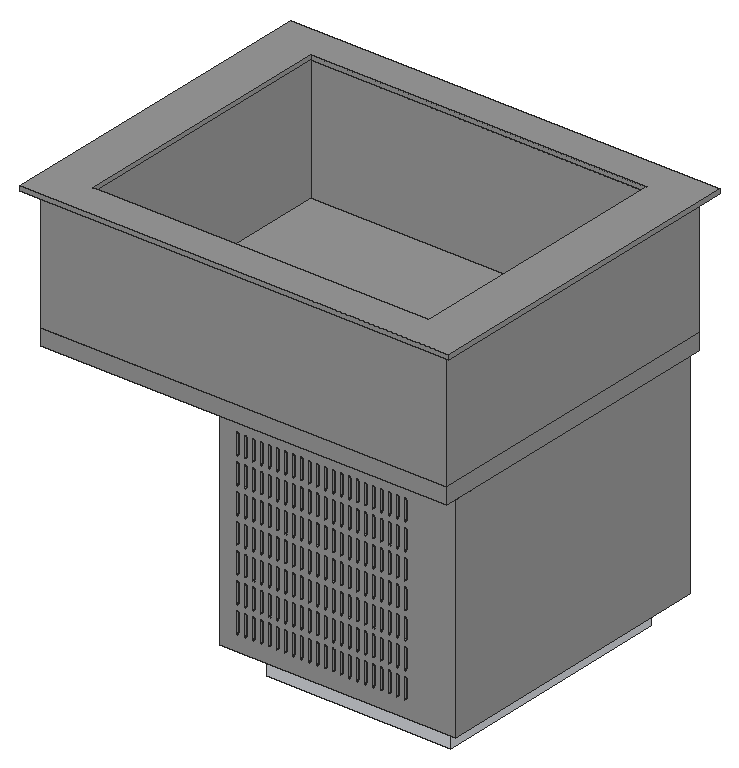
Revit family "Kühlwanne stille Kühlung GN1-1 - Eigen", category Sonderausstattung, Revit 2015
Parameters (values of type "2xGN1-1")
  Watt = 500 W
  Wand vorne Stärke = 40 mm  # constant formula
  Wand hinten Stärke = 40 mm  # constant formula
  Tiefe ohne Rahmen = Tiefe - 2 mm * 22.5  # 590 mm
  Tiefe = 635 mm  # constant formula
  Temp. Bereich = "4°C bis +10°C"
  Spannung = 230 V
  Scheinleistung = 0 VA
  Rand Stärke = 8.5 mm  # constant formula
  Rand Breite vorne = 62.5 mm  # constant formula
  Rand Breite seitlich = 87.5 mm  # constant formula
  Rand Breite hinten = 62.5 mm  # constant formula
  Pole = 1
  Material = Edelstahl AISI 304
  Kältemittel = "R404a"
  Kälteleistung = "1050 W / -10°C VT"
  Kapazität = "2 x GN 1/1, Tiefe 30 - 200 mm"
  Installationshöhe [instance] = 750 mm
  Höhe Wanne = 270 mm  # constant formula
  Höhe Unterbau = 50 mm  # constant formula
  Höhe Technikgehäuse = 400 mm  # constant formula
  Höhe = Höhe Wanne + Höhe Technikgehäuse + Höhe Unterbau  # 720 mm
  DN Tauwasserabfluß = 25.4 mm
  Breite ohne Rahmen = Breite - 2 mm * 22  # 761 mm
  Breite Technikgehäuse = 441 mm  # constant formula
  Wand Seiten Stärke = 65.5 mm  # constant formula
  Breite = 805 mm
  Boden Stärke = 30 mm  # constant formula
  Artikelnr. = "KWMS021100"
Types (4, lengths in mm): name | Watt | Kälteleistung | Kapazität | Breite ohne Rahmen | Breite | Artikelnr.
  2xGN1-1 | 500 W | "1050 W / -10°C VT" | "2 x GN 1/1, Tiefe 30 - 200 mm" | 761 | 805 | "KWMS021100"
  3xGN1-1 | 500 W | "1050 W / -10°C VT" | "3 x GN 1/1, Tiefe 30 - 200 mm" | 1091 | 1135 | "KWMS031100"
  4xGN1-1 | 500 W | "1050 W / -10°C VT" | "4 x GN 1/1, Tiefe 30 - 200 mm" | 1411 | 1455 | "KWMS041100"
  5xGN1-1 | 600 W | "1330 W / -10°C VT" | "5 x GN 1/1, Tiefe 30 - 200 mm" | 1736 | 1780 | "KWMS051100"
Reference planes
  plane 1 "Mitte (Vorne/Hinten)": y = 0
  plane 2: z = 0
  plane 3 "Mitte (Links/Rechts)": x = 0
  plane 4: y = -635
  plane 5: x = -805
  plane 6: z = 750
  plane 7: z = 480
  plane 8 "UK": z = 80
  plane 9: x = -463
  plane 10: x = -783
  plane 11: x = -22
  plane 12: y = -22.5
  plane 13: y = -612.5
  plane 14: y = -62.5
  plane 15: y = -572.5
  plane 16: x = -717.5
  plane 17: x = -87.5
  plane 18: z = 510
  plane 19: z = 741.5
  plane 20 "Technikgehäuse vorne": y = -592.5
  plane 21: y = -42.5
  plane 22: y = -62.5
  plane 23: y = -572.5
  plane 24 "Elektroanschluss": z = 80
  plane 25: y = -426
  plane 26 "Tauwasserabfluß": z = 80
  plane 27: y = -296
  plane 28: x = -265
  plane 29: x = -62
  plane 30: x = -717.5
  plane 31: x = -87.5
  plane 32: y = -82.5
  plane 33: y = -552.5
  plane 34: x = -62.5
  plane 35: x = -407.5
  plane 36: z = 30
Forms (mm)
  Extrusion 1, solid, material "Edelstahl AISI 304" <- "Material", detail levels fine
    sketch origin (0, 0, 150) x (-1, 0, 0) y (0, -1, 0)
      loop
        line (22, 42.5) -> (463, 42.5) -> (463, 592.5) -> (22, 592.5) -> (22, 42.5)
    from 330 to -70
  Extrusion 2, solid, material "Edelstahl AISI 304" <- "Material", detail levels medium+fine
    sketch origin (0, 0, 150) x (-1, 0, 0) y (0, -1, 0)
      loop
        line (783, 22.5) -> (783, 612.5) -> (22, 612.5) -> (22, 22.5) -> (783, 22.5)
      loop
        line (87.5, 572.5) -> (87.5, 62.5) -> (717.5, 62.5) -> (717.5, 572.5) -> (87.5, 572.5)
    from 591.5 to 360
  Extrusion 3, solid, material "Edelstahl AISI 304" <- "Material", detail levels medium+fine
    sketch origin (0, 0, 150) x (-1, 0, 0) y (0, -1, 0)
      loop
        line (783, 22.5) -> (783, 612.5) -> (22, 612.5) -> (22, 22.5) -> (783, 22.5)
    from 360 to 330
  Extrusion 4, solid, material "Edelstahl AISI 304" <- "Material", detail levels fine
    sketch origin (0, 0, 150) x (-1, 0, 0) y (0, -1, 0)
      loop
        line (805, 0) -> (805, 635) -> (0, 635) -> (0, 0) -> (805, 0)
      loop
        line (717.5, 62.5) -> (717.5, 572.5) -> (87.5, 572.5) -> (87.5, 62.5) -> (717.5, 62.5)
    from 600 to 591.5
  Extrusion 5, solid, not visible
    sketch origin (0, 0, 80) x (0, -1, 0) y (1, 0, 0)
      loop
        circle (296, -265) r 20
    from 0 to 2
  Extrusion 6, solid, not visible
    sketch origin (0, 0, 80) x (0, -1, 0) y (1, 0, 0)
      loop
        circle (426, -62) r 20
    from 0 to 2
  Extrusion 7, void
    sketch origin (1, -592.5, 0) x (1, 0, 0) y (0, 0, 1)
      loop
        arc (-432.879, 412.5) -> (-430.379, 410) -> (-427.879, 412.5) r 2.5
        line (-427.879, 412.5) -> (-427.879, 447.5)
        arc (-427.879, 447.5) -> (-430.379, 450) -> (-432.879, 447.5) r 2.5
        line (-432.879, 447.5) -> (-432.879, 412.5)
      loop
        arc (-417.879, 412.5) -> (-415.379, 410) -> (-412.879, 412.5) r 2.5
        line (-412.879, 412.5) -> (-412.879, 447.5)
        arc (-412.879, 447.5) -> (-415.379, 450) -> (-417.879, 447.5) r 2.5
        line (-417.879, 447.5) -> (-417.879, 412.5)
      loop
        arc (-402.879, 412.5) -> (-400.379, 410) -> (-397.879, 412.5) r 2.5
        line (-397.879, 412.5) -> (-397.879, 447.5)
        arc (-397.879, 447.5) -> (-400.379, 450) -> (-402.879, 447.5) r 2.5
        line (-402.879, 447.5) -> (-402.879, 412.5)
      loop
        arc (-387.879, 412.5) -> (-385.379, 410) -> (-382.879, 412.5) r 2.5
        line (-382.879, 412.5) -> (-382.879, 447.5)
        arc (-382.879, 447.5) -> (-385.379, 450) -> (-387.879, 447.5) r 2.5
        line (-387.879, 447.5) -> (-387.879, 412.5)
      loop
        arc (-373, 412.5) -> (-370.5, 410) -> (-368, 412.5) r 2.5
        line (-368, 412.5) -> (-368, 447.5)
        arc (-368, 447.5) -> (-370.5, 450) -> (-373, 447.5) r 2.5
        line (-373, 447.5) -> (-373, 412.5)
      loop
        arc (-358, 412.5) -> (-355.5, 410) -> (-353, 412.5) r 2.5
        line (-353, 412.5) -> (-353, 447.5)
        arc (-353, 447.5) -> (-355.5, 450) -> (-358, 447.5) r 2.5
        line (-358, 447.5) -> (-358, 412.5)
      loop
        arc (-343, 412.5) -> (-340.5, 410) -> (-338, 412.5) r 2.5
        line (-338, 412.5) -> (-338, 447.5)
        arc (-338, 447.5) -> (-340.5, 450) -> (-343, 447.5) r 2.5
        line (-343, 447.5) -> (-343, 412.5)
      loop
        arc (-328, 412.5) -> (-325.5, 410) -> (-323, 412.5) r 2.5
        line (-323, 412.5) -> (-323, 447.5)
        arc (-323, 447.5) -> (-325.5, 450) -> (-328, 447.5) r 2.5
        line (-328, 447.5) -> (-328, 412.5)
      loop
        arc (-313, 412.5) -> (-310.5, 410) -> (-308, 412.5) r 2.5
        line (-308, 412.5) -> (-308, 447.5)
        arc (-308, 447.5) -> (-310.5, 450) -> (-313, 447.5) r 2.5
        line (-313, 447.5) -> (-313, 412.5)
      loop
        arc (-298, 412.5) -> (-295.5, 410) -> (-293, 412.5) r 2.5
        line (-293, 412.5) -> (-293, 447.5)
        arc (-293, 447.5) -> (-295.5, 450) -> (-298, 447.5) r 2.5
        line (-298, 447.5) -> (-298, 412.5)
      loop
        arc (-283, 412.5) -> (-280.5, 410) -> (-278, 412.5) r 2.5
        line (-278, 412.5) -> (-278, 447.5)
        arc (-278, 447.5) -> (-280.5, 450) -> (-283, 447.5) r 2.5
        line (-283, 447.5) -> (-283, 412.5)
      loop
        arc (-268, 412.5) -> (-265.5, 410) -> (-263, 412.5) r 2.5
        line (-263, 412.5) -> (-263, 447.5)
        arc (-263, 447.5) -> (-265.5, 450) -> (-268, 447.5) r 2.5
        line (-268, 447.5) -> (-268, 412.5)
      loop
        arc (-253, 412.5) -> (-250.5, 410) -> (-248, 412.5) r 2.5
        line (-248, 412.5) -> (-248, 447.5)
        arc (-248, 447.5) -> (-250.5, 450) -> (-253, 447.5) r 2.5
        line (-253, 447.5) -> (-253, 412.5)
      loop
        arc (-238, 412.5) -> (-235.5, 410) -> (-233, 412.5) r 2.5
        line (-233, 412.5) -> (-233, 447.5)
        arc (-233, 447.5) -> (-235.5, 450) -> (-238, 447.5) r 2.5
        line (-238, 447.5) -> (-238, 412.5)
      loop
        arc (-223, 412.5) -> (-220.5, 410) -> (-218, 412.5) r 2.5
        line (-218, 412.5) -> (-218, 447.5)
        arc (-218, 447.5) -> (-220.5, 450) -> (-223, 447.5) r 2.5
        line (-223, 447.5) -> (-223, 412.5)
      loop
        arc (-208, 412.5) -> (-205.5, 410) -> (-203, 412.5) r 2.5
        line (-203, 412.5) -> (-203, 447.5)
        arc (-203, 447.5) -> (-205.5, 450) -> (-208, 447.5) r 2.5
        line (-208, 447.5) -> (-208, 412.5)
      loop
        arc (-193, 412.5) -> (-190.5, 410) -> (-188, 412.5) r 2.5
        line (-188, 412.5) -> (-188, 447.5)
        arc (-188, 447.5) -> (-190.5, 450) -> (-193, 447.5) r 2.5
        line (-193, 447.5) -> (-193, 412.5)
      loop
        arc (-178, 412.5) -> (-175.5, 410) -> (-173, 412.5) r 2.5
        line (-173, 412.5) -> (-173, 447.5)
        arc (-173, 447.5) -> (-175.5, 450) -> (-178, 447.5) r 2.5
        line (-178, 447.5) -> (-178, 412.5)
      loop
        arc (-163, 412.5) -> (-160.5, 410) -> (-158, 412.5) r 2.5
        line (-158, 412.5) -> (-158, 447.5)
        arc (-158, 447.5) -> (-160.5, 450) -> (-163, 447.5) r 2.5
        line (-163, 447.5) -> (-163, 412.5)
      loop
        arc (-148, 412.5) -> (-145.5, 410) -> (-143, 412.5) r 2.5
        line (-143, 412.5) -> (-143, 447.5)
        arc (-143, 447.5) -> (-145.5, 450) -> (-148, 447.5) r 2.5
        line (-148, 447.5) -> (-148, 412.5)
      loop
        arc (-133, 412.5) -> (-130.5, 410) -> (-128, 412.5) r 2.5
        line (-128, 412.5) -> (-128, 447.5)
        arc (-128, 447.5) -> (-130.5, 450) -> (-133, 447.5) r 2.5
        line (-133, 447.5) -> (-133, 412.5)
      loop
        arc (-118, 412.5) -> (-115.5, 410) -> (-113, 412.5) r 2.5
        line (-113, 412.5) -> (-113, 447.5)
        arc (-113, 447.5) -> (-115.5, 450) -> (-118, 447.5) r 2.5
        line (-118, 447.5) -> (-118, 412.5)
      loop
        arc (-432.879, 362.5) -> (-430.379, 360) -> (-427.879, 362.5) r 2.5
        line (-427.879, 362.5) -> (-427.879, 397.5)
        arc (-427.879, 397.5) -> (-430.379, 400) -> (-432.879, 397.5) r 2.5
        line (-432.879, 397.5) -> (-432.879, 362.5)
      loop
        arc (-417.879, 362.5) -> (-415.379, 360) -> (-412.879, 362.5) r 2.5
        line (-412.879, 362.5) -> (-412.879, 397.5)
        arc (-412.879, 397.5) -> (-415.379, 400) -> (-417.879, 397.5) r 2.5
        line (-417.879, 397.5) -> (-417.879, 362.5)
      loop
        arc (-402.879, 362.5) -> (-400.379, 360) -> (-397.879, 362.5) r 2.5
        line (-397.879, 362.5) -> (-397.879, 397.5)
        arc (-397.879, 397.5) -> (-400.379, 400) -> (-402.879, 397.5) r 2.5
        line (-402.879, 397.5) -> (-402.879, 362.5)
      loop
        arc (-387.879, 362.5) -> (-385.379, 360) -> (-382.879, 362.5) r 2.5
        line (-382.879, 362.5) -> (-382.879, 397.5)
        arc (-382.879, 397.5) -> (-385.379, 400) -> (-387.879, 397.5) r 2.5
        line (-387.879, 397.5) -> (-387.879, 362.5)
      loop
        arc (-373, 362.5) -> (-370.5, 360) -> (-368, 362.5) r 2.5
        line (-368, 362.5) -> (-368, 397.5)
        arc (-368, 397.5) -> (-370.5, 400) -> (-373, 397.5) r 2.5
        line (-373, 397.5) -> (-373, 362.5)
      loop
        arc (-358, 362.5) -> (-355.5, 360) -> (-353, 362.5) r 2.5
        line (-353, 362.5) -> (-353, 397.5)
        arc (-353, 397.5) -> (-355.5, 400) -> (-358, 397.5) r 2.5
        line (-358, 397.5) -> (-358, 362.5)
      loop
        arc (-343, 362.5) -> (-340.5, 360) -> (-338, 362.5) r 2.5
        line (-338, 362.5) -> (-338, 397.5)
        arc (-338, 397.5) -> (-340.5, 400) -> (-343, 397.5) r 2.5
        line (-343, 397.5) -> (-343, 362.5)
      loop
        arc (-328, 362.5) -> (-325.5, 360) -> (-323, 362.5) r 2.5
        line (-323, 362.5) -> (-323, 397.5)
        arc (-323, 397.5) -> (-325.5, 400) -> (-328, 397.5) r 2.5
        line (-328, 397.5) -> (-328, 362.5)
      loop
        arc (-313, 362.5) -> (-310.5, 360) -> (-308, 362.5) r 2.5
        line (-308, 362.5) -> (-308, 397.5)
        arc (-308, 397.5) -> (-310.5, 400) -> (-313, 397.5) r 2.5
        line (-313, 397.5) -> (-313, 362.5)
      loop
        arc (-298, 362.5) -> (-295.5, 360) -> (-293, 362.5) r 2.5
        line (-293, 362.5) -> (-293, 397.5)
        arc (-293, 397.5) -> (-295.5, 400) -> (-298, 397.5) r 2.5
        line (-298, 397.5) -> (-298, 362.5)
      loop
        arc (-283, 362.5) -> (-280.5, 360) -> (-278, 362.5) r 2.5
        line (-278, 362.5) -> (-278, 397.5)
        arc (-278, 397.5) -> (-280.5, 400) -> (-283, 397.5) r 2.5
        line (-283, 397.5) -> (-283, 362.5)
      loop
        arc (-268, 362.5) -> (-265.5, 360) -> (-263, 362.5) r 2.5
        line (-263, 362.5) -> (-263, 397.5)
        arc (-263, 397.5) -> (-265.5, 400) -> (-268, 397.5) r 2.5
        line (-268, 397.5) -> (-268, 362.5)
      loop
        arc (-253, 362.5) -> (-250.5, 360) -> (-248, 362.5) r 2.5
        line (-248, 362.5) -> (-248, 397.5)
        arc (-248, 397.5) -> (-250.5, 400) -> (-253, 397.5) r 2.5
        line (-253, 397.5) -> (-253, 362.5)
      loop
        arc (-238, 362.5) -> (-235.5, 360) -> (-233, 362.5) r 2.5
        line (-233, 362.5) -> (-233, 397.5)
        arc (-233, 397.5) -> (-235.5, 400) -> (-238, 397.5) r 2.5
        line (-238, 397.5) -> (-238, 362.5)
      loop
        arc (-223, 362.5) -> (-220.5, 360) -> (-218, 362.5) r 2.5
        line (-218, 362.5) -> (-218, 397.5)
        arc (-218, 397.5) -> (-220.5, 400) -> (-223, 397.5) r 2.5
        line (-223, 397.5) -> (-223, 362.5)
      loop
        arc (-208, 362.5) -> (-205.5, 360) -> (-203, 362.5) r 2.5
        line (-203, 362.5) -> (-203, 397.5)
        arc (-203, 397.5) -> (-205.5, 400) -> (-208, 397.5) r 2.5
        line (-208, 397.5) -> (-208, 362.5)
      loop
        arc (-193, 362.5) -> (-190.5, 360) -> (-188, 362.5) r 2.5
        line (-188, 362.5) -> (-188, 397.5)
        arc (-188, 397.5) -> (-190.5, 400) -> (-193, 397.5) r 2.5
        line (-193, 397.5) -> (-193, 362.5)
      loop
        arc (-178, 362.5) -> (-175.5, 360) -> (-173, 362.5) r 2.5
        line (-173, 362.5) -> (-173, 397.5)
        arc (-173, 397.5) -> (-175.5, 400) -> (-178, 397.5) r 2.5
        line (-178, 397.5) -> (-178, 362.5)
      loop
        arc (-163, 362.5) -> (-160.5, 360) -> (-158, 362.5) r 2.5
        line (-158, 362.5) -> (-158, 397.5)
        arc (-158, 397.5) -> (-160.5, 400) -> (-163, 397.5) r 2.5
        line (-163, 397.5) -> (-163, 362.5)
      loop
        arc (-148, 362.5) -> (-145.5, 360) -> (-143, 362.5) r 2.5
        line (-143, 362.5) -> (-143, 397.5)
        arc (-143, 397.5) -> (-145.5, 400) -> (-148, 397.5) r 2.5
        line (-148, 397.5) -> (-148, 362.5)
      loop
        arc (-133, 362.5) -> (-130.5, 360) -> (-128, 362.5) r 2.5
        line (-128, 362.5) -> (-128, 397.5)
        arc (-128, 397.5) -> (-130.5, 400) -> (-133, 397.5) r 2.5
        line (-133, 397.5) -> (-133, 362.5)
      loop
        arc (-118, 362.5) -> (-115.5, 360) -> (-113, 362.5) r 2.5
        line (-113, 362.5) -> (-113, 397.5)
        arc (-113, 397.5) -> (-115.5, 400) -> (-118, 397.5) r 2.5
        line (-118, 397.5) -> (-118, 362.5)
      loop
        arc (-432.879, 312.5) -> (-430.379, 310) -> (-427.879, 312.5) r 2.5
        line (-427.879, 312.5) -> (-427.879, 347.5)
        arc (-427.879, 347.5) -> (-430.379, 350) -> (-432.879, 347.5) r 2.5
        line (-432.879, 347.5) -> (-432.879, 312.5)
      loop
        arc (-417.879, 312.5) -> (-415.379, 310) -> (-412.879, 312.5) r 2.5
        line (-412.879, 312.5) -> (-412.879, 347.5)
        arc (-412.879, 347.5) -> (-415.379, 350) -> (-417.879, 347.5) r 2.5
        line (-417.879, 347.5) -> (-417.879, 312.5)
      loop
        arc (-402.879, 312.5) -> (-400.379, 310) -> (-397.879, 312.5) r 2.5
        line (-397.879, 312.5) -> (-397.879, 347.5)
        arc (-397.879, 347.5) -> (-400.379, 350) -> (-402.879, 347.5) r 2.5
        line (-402.879, 347.5) -> (-402.879, 312.5)
      loop
        arc (-387.879, 312.5) -> (-385.379, 310) -> (-382.879, 312.5) r 2.5
        line (-382.879, 312.5) -> (-382.879, 347.5)
        arc (-382.879, 347.5) -> (-385.379, 350) -> (-387.879, 347.5) r 2.5
        line (-387.879, 347.5) -> (-387.879, 312.5)
      loop
        arc (-373, 312.5) -> (-370.5, 310) -> (-368, 312.5) r 2.5
        line (-368, 312.5) -> (-368, 347.5)
        arc (-368, 347.5) -> (-370.5, 350) -> (-373, 347.5) r 2.5
        line (-373, 347.5) -> (-373, 312.5)
      loop
        arc (-358, 312.5) -> (-355.5, 310) -> (-353, 312.5) r 2.5
        line (-353, 312.5) -> (-353, 347.5)
        arc (-353, 347.5) -> (-355.5, 350) -> (-358, 347.5) r 2.5
        line (-358, 347.5) -> (-358, 312.5)
      loop
        arc (-343, 312.5) -> (-340.5, 310) -> (-338, 312.5) r 2.5
        line (-338, 312.5) -> (-338, 347.5)
        arc (-338, 347.5) -> (-340.5, 350) -> (-343, 347.5) r 2.5
        line (-343, 347.5) -> (-343, 312.5)
      loop
        arc (-328, 312.5) -> (-325.5, 310) -> (-323, 312.5) r 2.5
        line (-323, 312.5) -> (-323, 347.5)
        arc (-323, 347.5) -> (-325.5, 350) -> (-328, 347.5) r 2.5
        line (-328, 347.5) -> (-328, 312.5)
      loop
        arc (-313, 312.5) -> (-310.5, 310) -> (-308, 312.5) r 2.5
        line (-308, 312.5) -> (-308, 347.5)
        arc (-308, 347.5) -> (-310.5, 350) -> (-313, 347.5) r 2.5
        line (-313, 347.5) -> (-313, 312.5)
      loop
        arc (-298, 312.5) -> (-295.5, 310) -> (-293, 312.5) r 2.5
        line (-293, 312.5) -> (-293, 347.5)
        arc (-293, 347.5) -> (-295.5, 350) -> (-298, 347.5) r 2.5
        line (-298, 347.5) -> (-298, 312.5)
      loop
        arc (-283, 312.5) -> (-280.5, 310) -> (-278, 312.5) r 2.5
        line (-278, 312.5) -> (-278, 347.5)
        arc (-278, 347.5) -> (-280.5, 350) -> (-283, 347.5) r 2.5
        line (-283, 347.5) -> (-283, 312.5)
      loop
        arc (-268, 312.5) -> (-265.5, 310) -> (-263, 312.5) r 2.5
        line (-263, 312.5) -> (-263, 347.5)
        arc (-263, 347.5) -> (-265.5, 350) -> (-268, 347.5) r 2.5
        line (-268, 347.5) -> (-268, 312.5)
      loop
        arc (-253, 312.5) -> (-250.5, 310) -> (-248, 312.5) r 2.5
        line (-248, 312.5) -> (-248, 347.5)
        arc (-248, 347.5) -> (-250.5, 350) -> (-253, 347.5) r 2.5
        line (-253, 347.5) -> (-253, 312.5)
      loop
        arc (-238, 312.5) -> (-235.5, 310) -> (-233, 312.5) r 2.5
        line (-233, 312.5) -> (-233, 347.5)
        arc (-233, 347.5) -> (-235.5, 350) -> (-238, 347.5) r 2.5
        line (-238, 347.5) -> (-238, 312.5)
      loop
        arc (-223, 312.5) -> (-220.5, 310) -> (-218, 312.5) r 2.5
        line (-218, 312.5) -> (-218, 347.5)
        arc (-218, 347.5) -> (-220.5, 350) -> (-223, 347.5) r 2.5
        line (-223, 347.5) -> (-223, 312.5)
      loop
        arc (-208, 312.5) -> (-205.5, 310) -> (-203, 312.5) r 2.5
        line (-203, 312.5) -> (-203, 347.5)
        arc (-203, 347.5) -> (-205.5, 350) -> (-208, 347.5) r 2.5
        line (-208, 347.5) -> (-208, 312.5)
      loop
        arc (-193, 312.5) -> (-190.5, 310) -> (-188, 312.5) r 2.5
        line (-188, 312.5) -> (-188, 347.5)
        arc (-188, 347.5) -> (-190.5, 350) -> (-193, 347.5) r 2.5
        line (-193, 347.5) -> (-193, 312.5)
      loop
        arc (-178, 312.5) -> (-175.5, 310) -> (-173, 312.5) r 2.5
        line (-173, 312.5) -> (-173, 347.5)
        arc (-173, 347.5) -> (-175.5, 350) -> (-178, 347.5) r 2.5
        line (-178, 347.5) -> (-178, 312.5)
      loop
        arc (-163, 312.5) -> (-160.5, 310) -> (-158, 312.5) r 2.5
        line (-158, 312.5) -> (-158, 347.5)
        arc (-158, 347.5) -> (-160.5, 350) -> (-163, 347.5) r 2.5
        line (-163, 347.5) -> (-163, 312.5)
      loop
        arc (-148, 312.5) -> (-145.5, 310) -> (-143, 312.5) r 2.5
        line (-143, 312.5) -> (-143, 347.5)
        arc (-143, 347.5) -> (-145.5, 350) -> (-148, 347.5) r 2.5
        line (-148, 347.5) -> (-148, 312.5)
      loop
        arc (-133, 312.5) -> (-130.5, 310) -> (-128, 312.5) r 2.5
        line (-128, 312.5) -> (-128, 347.5)
        arc (-128, 347.5) -> (-130.5, 350) -> (-133, 347.5) r 2.5
        line (-133, 347.5) -> (-133, 312.5)
      loop
        arc (-118, 312.5) -> (-115.5, 310) -> (-113, 312.5) r 2.5
        line (-113, 312.5) -> (-113, 347.5)
        arc (-113, 347.5) -> (-115.5, 350) -> (-118, 347.5) r 2.5
        line (-118, 347.5) -> (-118, 312.5)
      loop
        arc (-432.879, 262.5) -> (-430.379, 260) -> (-427.879, 262.5) r 2.5
        line (-427.879, 262.5) -> (-427.879, 297.5)
        arc (-427.879, 297.5) -> (-430.379, 300) -> (-432.879, 297.5) r 2.5
        line (-432.879, 297.5) -> (-432.879, 262.5)
      loop
        arc (-417.879, 262.5) -> (-415.379, 260) -> (-412.879, 262.5) r 2.5
        line (-412.879, 262.5) -> (-412.879, 297.5)
        arc (-412.879, 297.5) -> (-415.379, 300) -> (-417.879, 297.5) r 2.5
        line (-417.879, 297.5) -> (-417.879, 262.5)
      loop
        arc (-402.879, 262.5) -> (-400.379, 260) -> (-397.879, 262.5) r 2.5
        line (-397.879, 262.5) -> (-397.879, 297.5)
        arc (-397.879, 297.5) -> (-400.379, 300) -> (-402.879, 297.5) r 2.5
        line (-402.879, 297.5) -> (-402.879, 262.5)
      loop
        arc (-387.879, 262.5) -> (-385.379, 260) -> (-382.879, 262.5) r 2.5
        line (-382.879, 262.5) -> (-382.879, 297.5)
        arc (-382.879, 297.5) -> (-385.379, 300) -> (-387.879, 297.5) r 2.5
        line (-387.879, 297.5) -> (-387.879, 262.5)
      loop
        arc (-373, 262.5) -> (-370.5, 260) -> (-368, 262.5) r 2.5
        line (-368, 262.5) -> (-368, 297.5)
        arc (-368, 297.5) -> (-370.5, 300) -> (-373, 297.5) r 2.5
        line (-373, 297.5) -> (-373, 262.5)
      loop
        arc (-358, 262.5) -> (-355.5, 260) -> (-353, 262.5) r 2.5
        line (-353, 262.5) -> (-353, 297.5)
        arc (-353, 297.5) -> (-355.5, 300) -> (-358, 297.5) r 2.5
        line (-358, 297.5) -> (-358, 262.5)
      loop
        arc (-343, 262.5) -> (-340.5, 260) -> (-338, 262.5) r 2.5
        line (-338, 262.5) -> (-338, 297.5)
        arc (-338, 297.5) -> (-340.5, 300) -> (-343, 297.5) r 2.5
        line (-343, 297.5) -> (-343, 262.5)
      loop
        arc (-328, 262.5) -> (-325.5, 260) -> (-323, 262.5) r 2.5
        line (-323, 262.5) -> (-323, 297.5)
        arc (-323, 297.5) -> (-325.5, 300) -> (-328, 297.5) r 2.5
        line (-328, 297.5) -> (-328, 262.5)
      loop
        arc (-313, 262.5) -> (-310.5, 260) -> (-308, 262.5) r 2.5
        line (-308, 262.5) -> (-308, 297.5)
        arc (-308, 297.5) -> (-310.5, 300) -> (-313, 297.5) r 2.5
        line (-313, 297.5) -> (-313, 262.5)
      loop
        arc (-298, 262.5) -> (-295.5, 260) -> (-293, 262.5) r 2.5
        line (-293, 262.5) -> (-293, 297.5)
        arc (-293, 297.5) -> (-295.5, 300) -> (-298, 297.5) r 2.5
        line (-298, 297.5) -> (-298, 262.5)
      loop
        arc (-283, 262.5) -> (-280.5, 260) -> (-278, 262.5) r 2.5
        line (-278, 262.5) -> (-278, 297.5)
        arc (-278, 297.5) -> (-280.5, 300) -> (-283, 297.5) r 2.5
        line (-283, 297.5) -> (-283, 262.5)
      loop
        arc (-268, 262.5) -> (-265.5, 260) -> (-263, 262.5) r 2.5
        line (-263, 262.5) -> (-263, 297.5)
        arc (-263, 297.5) -> (-265.5, 300) -> (-268, 297.5) r 2.5
        line (-268, 297.5) -> (-268, 262.5)
      loop
        arc (-253, 262.5) -> (-250.5, 260) -> (-248, 262.5) r 2.5
        line (-248, 262.5) -> (-248, 297.5)
        arc (-248, 297.5) -> (-250.5, 300) -> (-253, 297.5) r 2.5
        line (-253, 297.5) -> (-253, 262.5)
      loop
        arc (-238, 262.5) -> (-235.5, 260) -> (-233, 262.5) r 2.5
        line (-233, 262.5) -> (-233, 297.5)
        arc (-233, 297.5) -> (-235.5, 300) -> (-238, 297.5) r 2.5
        line (-238, 297.5) -> (-238, 262.5)
      loop
        arc (-223, 262.5) -> (-220.5, 260) -> (-218, 262.5) r 2.5
        line (-218, 262.5) -> (-218, 297.5)
        arc (-218, 297.5) -> (-220.5, 300) -> (-223, 297.5) r 2.5
        line (-223, 297.5) -> (-223, 262.5)
      loop
        arc (-208, 262.5) -> (-205.5, 260) -> (-203, 262.5) r 2.5
        line (-203, 262.5) -> (-203, 297.5)
        arc (-203, 297.5) -> (-205.5, 300) -> (-208, 297.5) r 2.5
        line (-208, 297.5) -> (-208, 262.5)
      loop
        arc (-193, 262.5) -> (-190.5, 260) -> (-188, 262.5) r 2.5
        line (-188, 262.5) -> (-188, 297.5)
        arc (-188, 297.5) -> (-190.5, 300) -> (-193, 297.5) r 2.5
        line (-193, 297.5) -> (-193, 262.5)
      loop
        arc (-178, 262.5) -> (-175.5, 260) -> (-173, 262.5) r 2.5
        line (-173, 262.5) -> (-173, 297.5)
        arc (-173, 297.5) -> (-175.5, 300) -> (-178, 297.5) r 2.5
        line (-178, 297.5) -> (-178, 262.5)
      loop
        arc (-163, 262.5) -> (-160.5, 260) -> (-158, 262.5) r 2.5
        line (-158, 262.5) -> (-158, 297.5)
        arc (-158, 297.5) -> (-160.5, 300) -> (-163, 297.5) r 2.5
        line (-163, 297.5) -> (-163, 262.5)
      loop
        arc (-148, 262.5) -> (-145.5, 260) -> (-143, 262.5) r 2.5
        line (-143, 262.5) -> (-143, 297.5)
        arc (-143, 297.5) -> (-145.5, 300) -> (-148, 297.5) r 2.5
        line (-148, 297.5) -> (-148, 262.5)
      loop
        arc (-133, 262.5) -> (-130.5, 260) -> (-128, 262.5) r 2.5
        line (-128, 262.5) -> (-128, 297.5)
        arc (-128, 297.5) -> (-130.5, 300) -> (-133, 297.5) r 2.5
        line (-133, 297.5) -> (-133, 262.5)
      loop
        arc (-118, 262.5) -> (-115.5, 260) -> (-113, 262.5) r 2.5
        line (-113, 262.5) -> (-113, 297.5)
        arc (-113, 297.5) -> (-115.5, 300) -> (-118, 297.5) r 2.5
        line (-118, 297.5) -> (-118, 262.5)
      loop
        arc (-432.879, 212.5) -> (-430.379, 210) -> (-427.879, 212.5) r 2.5
        line (-427.879, 212.5) -> (-427.879, 247.5)
        arc (-427.879, 247.5) -> (-430.379, 250) -> (-432.879, 247.5) r 2.5
        line (-432.879, 247.5) -> (-432.879, 212.5)
      loop
        arc (-417.879, 212.5) -> (-415.379, 210) -> (-412.879, 212.5) r 2.5
        line (-412.879, 212.5) -> (-412.879, 247.5)
        arc (-412.879, 247.5) -> (-415.379, 250) -> (-417.879, 247.5) r 2.5
        line (-417.879, 247.5) -> (-417.879, 212.5)
      loop
        arc (-402.879, 212.5) -> (-400.379, 210) -> (-397.879, 212.5) r 2.5
        line (-397.879, 212.5) -> (-397.879, 247.5)
        arc (-397.879, 247.5) -> (-400.379, 250) -> (-402.879, 247.5) r 2.5
        line (-402.879, 247.5) -> (-402.879, 212.5)
      loop
        arc (-387.879, 212.5) -> (-385.379, 210) -> (-382.879, 212.5) r 2.5
        line (-382.879, 212.5) -> (-382.879, 247.5)
        arc (-382.879, 247.5) -> (-385.379, 250) -> (-387.879, 247.5) r 2.5
        line (-387.879, 247.5) -> (-387.879, 212.5)
      loop
        arc (-373, 212.5) -> (-370.5, 210) -> (-368, 212.5) r 2.5
        line (-368, 212.5) -> (-368, 247.5)
        arc (-368, 247.5) -> (-370.5, 250) -> (-373, 247.5) r 2.5
        line (-373, 247.5) -> (-373, 212.5)
      loop
        arc (-358, 212.5) -> (-355.5, 210) -> (-353, 212.5) r 2.5
        line (-353, 212.5) -> (-353, 247.5)
        arc (-353, 247.5) -> (-355.5, 250) -> (-358, 247.5) r 2.5
        line (-358, 247.5) -> (-358, 212.5)
      loop
        arc (-343, 212.5) -> (-340.5, 210) -> (-338, 212.5) r 2.5
        line (-338, 212.5) -> (-338, 247.5)
        arc (-338, 247.5) -> (-340.5, 250) -> (-343, 247.5) r 2.5
        line (-343, 247.5) -> (-343, 212.5)
      loop
        arc (-328, 212.5) -> (-325.5, 210) -> (-323, 212.5) r 2.5
        line (-323, 212.5) -> (-323, 247.5)
        arc (-323, 247.5) -> (-325.5, 250) -> (-328, 247.5) r 2.5
        line (-328, 247.5) -> (-328, 212.5)
      loop
        arc (-313, 212.5) -> (-310.5, 210) -> (-308, 212.5) r 2.5
        line (-308, 212.5) -> (-308, 247.5)
        arc (-308, 247.5) -> (-310.5, 250) -> (-313, 247.5) r 2.5
        line (-313, 247.5) -> (-313, 212.5)
      loop
        arc (-298, 212.5) -> (-295.5, 210) -> (-293, 212.5) r 2.5
        line (-293, 212.5) -> (-293, 247.5)
        arc (-293, 247.5) -> (-295.5, 250) -> (-298, 247.5) r 2.5
        line (-298, 247.5) -> (-298, 212.5)
      loop
        arc (-283, 212.5) -> (-280.5, 210) -> (-278, 212.5) r 2.5
        line (-278, 212.5) -> (-278, 247.5)
        arc (-278, 247.5) -> (-280.5, 250) -> (-283, 247.5) r 2.5
        line (-283, 247.5) -> (-283, 212.5)
      loop
        arc (-268, 212.5) -> (-265.5, 210) -> (-263, 212.5) r 2.5
        line (-263, 212.5) -> (-263, 247.5)
        arc (-263, 247.5) -> (-265.5, 250) -> (-268, 247.5) r 2.5
        line (-268, 247.5) -> (-268, 212.5)
      loop
        arc (-253, 212.5) -> (-250.5, 210) -> (-248, 212.5) r 2.5
        line (-248, 212.5) -> (-248, 247.5)
        arc (-248, 247.5) -> (-250.5, 250) -> (-253, 247.5) r 2.5
        line (-253, 247.5) -> (-253, 212.5)
      loop
        arc (-238, 212.5) -> (-235.5, 210) -> (-233, 212.5) r 2.5
        line (-233, 212.5) -> (-233, 247.5)
        arc (-233, 247.5) -> (-235.5, 250) -> (-238, 247.5) r 2.5
        line (-238, 247.5) -> (-238, 212.5)
      loop
        arc (-223, 212.5) -> (-220.5, 210) -> (-218, 212.5) r 2.5
        line (-218, 212.5) -> (-218, 247.5)
        arc (-218, 247.5) -> (-220.5, 250) -> (-223, 247.5) r 2.5
        line (-223, 247.5) -> (-223, 212.5)
      loop
        arc (-208, 212.5) -> (-205.5, 210) -> (-203, 212.5) r 2.5
        line (-203, 212.5) -> (-203, 247.5)
        arc (-203, 247.5) -> (-205.5, 250) -> (-208, 247.5) r 2.5
        line (-208, 247.5) -> (-208, 212.5)
      loop
        arc (-193, 212.5) -> (-190.5, 210) -> (-188, 212.5) r 2.5
        line (-188, 212.5) -> (-188, 247.5)
        arc (-188, 247.5) -> (-190.5, 250) -> (-193, 247.5) r 2.5
        line (-193, 247.5) -> (-193, 212.5)
      loop
        arc (-178, 212.5) -> (-175.5, 210) -> (-173, 212.5) r 2.5
        line (-173, 212.5) -> (-173, 247.5)
        arc (-173, 247.5) -> (-175.5, 250) -> (-178, 247.5) r 2.5
        line (-178, 247.5) -> (-178, 212.5)
      loop
        arc (-163, 212.5) -> (-160.5, 210) -> (-158, 212.5) r 2.5
        line (-158, 212.5) -> (-158, 247.5)
        arc (-158, 247.5) -> (-160.5, 250) -> (-163, 247.5) r 2.5
        line (-163, 247.5) -> (-163, 212.5)
      loop
        arc (-148, 212.5) -> (-145.5, 210) -> (-143, 212.5) r 2.5
        line (-143, 212.5) -> (-143, 247.5)
        arc (-143, 247.5) -> (-145.5, 250) -> (-148, 247.5) r 2.5
        line (-148, 247.5) -> (-148, 212.5)
      loop
        arc (-133, 212.5) -> (-130.5, 210) -> (-128, 212.5) r 2.5
        line (-128, 212.5) -> (-128, 247.5)
        arc (-128, 247.5) -> (-130.5, 250) -> (-133, 247.5) r 2.5
        line (-133, 247.5) -> (-133, 212.5)
      loop
        arc (-118, 212.5) -> (-115.5, 210) -> (-113, 212.5) r 2.5
        line (-113, 212.5) -> (-113, 247.5)
        arc (-113, 247.5) -> (-115.5, 250) -> (-118, 247.5) r 2.5
        line (-118, 247.5) -> (-118, 212.5)
      loop
        arc (-432.879, 162.5) -> (-430.379, 160) -> (-427.879, 162.5) r 2.5
        line (-427.879, 162.5) -> (-427.879, 197.5)
        arc (-427.879, 197.5) -> (-430.379, 200) -> (-432.879, 197.5) r 2.5
        line (-432.879, 197.5) -> (-432.879, 162.5)
      loop
        arc (-417.879, 162.5) -> (-415.379, 160) -> (-412.879, 162.5) r 2.5
        line (-412.879, 162.5) -> (-412.879, 197.5)
        arc (-412.879, 197.5) -> (-415.379, 200) -> (-417.879, 197.5) r 2.5
        line (-417.879, 197.5) -> (-417.879, 162.5)
      loop
        arc (-402.879, 162.5) -> (-400.379, 160) -> (-397.879, 162.5) r 2.5
        line (-397.879, 162.5) -> (-397.879, 197.5)
        arc (-397.879, 197.5) -> (-400.379, 200) -> (-402.879, 197.5) r 2.5
        line (-402.879, 197.5) -> (-402.879, 162.5)
      loop
        arc (-387.879, 162.5) -> (-385.379, 160) -> (-382.879, 162.5) r 2.5
        line (-382.879, 162.5) -> (-382.879, 197.5)
        arc (-382.879, 197.5) -> (-385.379, 200) -> (-387.879, 197.5) r 2.5
        line (-387.879, 197.5) -> (-387.879, 162.5)
      loop
        arc (-373, 162.5) -> (-370.5, 160) -> (-368, 162.5) r 2.5
        line (-368, 162.5) -> (-368, 197.5)
        arc (-368, 197.5) -> (-370.5, 200) -> (-373, 197.5) r 2.5
        line (-373, 197.5) -> (-373, 162.5)
      loop
        arc (-358, 162.5) -> (-355.5, 160) -> (-353, 162.5) r 2.5
        line (-353, 162.5) -> (-353, 197.5)
        arc (-353, 197.5) -> (-355.5, 200) -> (-358, 197.5) r 2.5
        line (-358, 197.5) -> (-358, 162.5)
      loop
        arc (-343, 162.5) -> (-340.5, 160) -> (-338, 162.5) r 2.5
        line (-338, 162.5) -> (-338, 197.5)
        arc (-338, 197.5) -> (-340.5, 200) -> (-343, 197.5) r 2.5
        line (-343, 197.5) -> (-343, 162.5)
      loop
        arc (-328, 162.5) -> (-325.5, 160) -> (-323, 162.5) r 2.5
        line (-323, 162.5) -> (-323, 197.5)
        arc (-323, 197.5) -> (-325.5, 200) -> (-328, 197.5) r 2.5
        line (-328, 197.5) -> (-328, 162.5)
      loop
        arc (-313, 162.5) -> (-310.5, 160) -> (-308, 162.5) r 2.5
        line (-308, 162.5) -> (-308, 197.5)
        arc (-308, 197.5) -> (-310.5, 200) -> (-313, 197.5) r 2.5
        line (-313, 197.5) -> (-313, 162.5)
      loop
        arc (-298, 162.5) -> (-295.5, 160) -> (-293, 162.5) r 2.5
        line (-293, 162.5) -> (-293, 197.5)
        arc (-293, 197.5) -> (-295.5, 200) -> (-298, 197.5) r 2.5
        line (-298, 197.5) -> (-298, 162.5)
      loop
        arc (-283, 162.5) -> (-280.5, 160) -> (-278, 162.5) r 2.5
        line (-278, 162.5) -> (-278, 197.5)
        arc (-278, 197.5) -> (-280.5, 200) -> (-283, 197.5) r 2.5
        line (-283, 197.5) -> (-283, 162.5)
      loop
        arc (-268, 162.5) -> (-265.5, 160) -> (-263, 162.5) r 2.5
        line (-263, 162.5) -> (-263, 197.5)
        arc (-263, 197.5) -> (-265.5, 200) -> (-268, 197.5) r 2.5
        line (-268, 197.5) -> (-268, 162.5)
      loop
        arc (-253, 162.5) -> (-250.5, 160) -> (-248, 162.5) r 2.5
        line (-248, 162.5) -> (-248, 197.5)
        arc (-248, 197.5) -> (-250.5, 200) -> (-253, 197.5) r 2.5
        line (-253, 197.5) -> (-253, 162.5)
      loop
        arc (-238, 162.5) -> (-235.5, 160) -> (-233, 162.5) r 2.5
        line (-233, 162.5) -> (-233, 197.5)
        arc (-233, 197.5) -> (-235.5, 200) -> (-238, 197.5) r 2.5
        line (-238, 197.5) -> (-238, 162.5)
      loop
        arc (-223, 162.5) -> (-220.5, 160) -> (-218, 162.5) r 2.5
        line (-218, 162.5) -> (-218, 197.5)
        arc (-218, 197.5) -> (-220.5, 200) -> (-223, 197.5) r 2.5
        line (-223, 197.5) -> (-223, 162.5)
      loop
        arc (-208, 162.5) -> (-205.5, 160) -> (-203, 162.5) r 2.5
        line (-203, 162.5) -> (-203, 197.5)
        arc (-203, 197.5) -> (-205.5, 200) -> (-208, 197.5) r 2.5
        line (-208, 197.5) -> (-208, 162.5)
      loop
        arc (-193, 162.5) -> (-190.5, 160) -> (-188, 162.5) r 2.5
        line (-188, 162.5) -> (-188, 197.5)
        arc (-188, 197.5) -> (-190.5, 200) -> (-193, 197.5) r 2.5
        line (-193, 197.5) -> (-193, 162.5)
      loop
        arc (-178, 162.5) -> (-175.5, 160) -> (-173, 162.5) r 2.5
        line (-173, 162.5) -> (-173, 197.5)
        arc (-173, 197.5) -> (-175.5, 200) -> (-178, 197.5) r 2.5
        line (-178, 197.5) -> (-178, 162.5)
      loop
        arc (-163, 162.5) -> (-160.5, 160) -> (-158, 162.5) r 2.5
        line (-158, 162.5) -> (-158, 197.5)
        arc (-158, 197.5) -> (-160.5, 200) -> (-163, 197.5) r 2.5
        line (-163, 197.5) -> (-163, 162.5)
      loop
        arc (-148, 162.5) -> (-145.5, 160) -> (-143, 162.5) r 2.5
        line (-143, 162.5) -> (-143, 197.5)
        arc (-143, 197.5) -> (-145.5, 200) -> (-148, 197.5) r 2.5
        line (-148, 197.5) -> (-148, 162.5)
      loop
        arc (-133, 162.5) -> (-130.5, 160) -> (-128, 162.5) r 2.5
        line (-128, 162.5) -> (-128, 197.5)
        arc (-128, 197.5) -> (-130.5, 200) -> (-133, 197.5) r 2.5
        line (-133, 197.5) -> (-133, 162.5)
      loop
        arc (-118, 162.5) -> (-115.5, 160) -> (-113, 162.5) r 2.5
        line (-113, 162.5) -> (-113, 197.5)
        arc (-113, 197.5) -> (-115.5, 200) -> (-118, 197.5) r 2.5
        line (-118, 197.5) -> (-118, 162.5)
      loop
        arc (-432.879, 112.5) -> (-430.379, 110) -> (-427.879, 112.5) r 2.5
        line (-427.879, 112.5) -> (-427.879, 147.5)
        arc (-427.879, 147.5) -> (-430.379, 150) -> (-432.879, 147.5) r 2.5
        line (-432.879, 147.5) -> (-432.879, 112.5)
      loop
        arc (-417.879, 112.5) -> (-415.379, 110) -> (-412.879, 112.5) r 2.5
        line (-412.879, 112.5) -> (-412.879, 147.5)
        arc (-412.879, 147.5) -> (-415.379, 150) -> (-417.879, 147.5) r 2.5
        line (-417.879, 147.5) -> (-417.879, 112.5)
      loop
        arc (-402.879, 112.5) -> (-400.379, 110) -> (-397.879, 112.5) r 2.5
        line (-397.879, 112.5) -> (-397.879, 147.5)
        arc (-397.879, 147.5) -> (-400.379, 150) -> (-402.879, 147.5) r 2.5
        line (-402.879, 147.5) -> (-402.879, 112.5)
      loop
        arc (-387.879, 112.5) -> (-385.379, 110) -> (-382.879, 112.5) r 2.5
        line (-382.879, 112.5) -> (-382.879, 147.5)
        arc (-382.879, 147.5) -> (-385.379, 150) -> (-387.879, 147.5) r 2.5
        line (-387.879, 147.5) -> (-387.879, 112.5)
      loop
        arc (-373, 112.5) -> (-370.5, 110) -> (-368, 112.5) r 2.5
        line (-368, 112.5) -> (-368, 147.5)
        arc (-368, 147.5) -> (-370.5, 150) -> (-373, 147.5) r 2.5
        line (-373, 147.5) -> (-373, 112.5)
      loop
        arc (-358, 112.5) -> (-355.5, 110) -> (-353, 112.5) r 2.5
        line (-353, 112.5) -> (-353, 147.5)
        arc (-353, 147.5) -> (-355.5, 150) -> (-358, 147.5) r 2.5
        line (-358, 147.5) -> (-358, 112.5)
      loop
        arc (-343, 112.5) -> (-340.5, 110) -> (-338, 112.5) r 2.5
        line (-338, 112.5) -> (-338, 147.5)
        arc (-338, 147.5) -> (-340.5, 150) -> (-343, 147.5) r 2.5
        line (-343, 147.5) -> (-343, 112.5)
      loop
        arc (-328, 112.5) -> (-325.5, 110) -> (-323, 112.5) r 2.5
        line (-323, 112.5) -> (-323, 147.5)
        arc (-323, 147.5) -> (-325.5, 150) -> (-328, 147.5) r 2.5
        line (-328, 147.5) -> (-328, 112.5)
      loop
        arc (-313, 112.5) -> (-310.5, 110) -> (-308, 112.5) r 2.5
        line (-308, 112.5) -> (-308, 147.5)
        arc (-308, 147.5) -> (-310.5, 150) -> (-313, 147.5) r 2.5
        line (-313, 147.5) -> (-313, 112.5)
      loop
        arc (-298, 112.5) -> (-295.5, 110) -> (-293, 112.5) r 2.5
        line (-293, 112.5) -> (-293, 147.5)
        arc (-293, 147.5) -> (-295.5, 150) -> (-298, 147.5) r 2.5
        line (-298, 147.5) -> (-298, 112.5)
      loop
        arc (-283, 112.5) -> (-280.5, 110) -> (-278, 112.5) r 2.5
        line (-278, 112.5) -> (-278, 147.5)
        arc (-278, 147.5) -> (-280.5, 150) -> (-283, 147.5) r 2.5
        line (-283, 147.5) -> (-283, 112.5)
      loop
        arc (-268, 112.5) -> (-265.5, 110) -> (-263, 112.5) r 2.5
        line (-263, 112.5) -> (-263, 147.5)
        arc (-263, 147.5) -> (-265.5, 150) -> (-268, 147.5) r 2.5
        line (-268, 147.5) -> (-268, 112.5)
      loop
        arc (-253, 112.5) -> (-250.5, 110) -> (-248, 112.5) r 2.5
        line (-248, 112.5) -> (-248, 147.5)
        arc (-248, 147.5) -> (-250.5, 150) -> (-253, 147.5) r 2.5
        line (-253, 147.5) -> (-253, 112.5)
      loop
        arc (-238, 112.5) -> (-235.5, 110) -> (-233, 112.5) r 2.5
        line (-233, 112.5) -> (-233, 147.5)
        arc (-233, 147.5) -> (-235.5, 150) -> (-238, 147.5) r 2.5
        line (-238, 147.5) -> (-238, 112.5)
      loop
        arc (-223, 112.5) -> (-220.5, 110) -> (-218, 112.5) r 2.5
        line (-218, 112.5) -> (-218, 147.5)
        arc (-218, 147.5) -> (-220.5, 150) -> (-223, 147.5) r 2.5
        line (-223, 147.5) -> (-223, 112.5)
      loop
        arc (-208, 112.5) -> (-205.5, 110) -> (-203, 112.5) r 2.5
        line (-203, 112.5) -> (-203, 147.5)
        arc (-203, 147.5) -> (-205.5, 150) -> (-208, 147.5) r 2.5
        line (-208, 147.5) -> (-208, 112.5)
      loop
        arc (-193, 112.5) -> (-190.5, 110) -> (-188, 112.5) r 2.5
        line (-188, 112.5) -> (-188, 147.5)
        arc (-188, 147.5) -> (-190.5, 150) -> (-193, 147.5) r 2.5
        line (-193, 147.5) -> (-193, 112.5)
      loop
        arc (-178, 112.5) -> (-175.5, 110) -> (-173, 112.5) r 2.5
        line (-173, 112.5) -> (-173, 147.5)
        arc (-173, 147.5) -> (-175.5, 150) -> (-178, 147.5) r 2.5
        line (-178, 147.5) -> (-178, 112.5)
      loop
        arc (-163, 112.5) -> (-160.5, 110) -> (-158, 112.5) r 2.5
        line (-158, 112.5) -> (-158, 147.5)
        arc (-158, 147.5) -> (-160.5, 150) -> (-163, 147.5) r 2.5
        line (-163, 147.5) -> (-163, 112.5)
      loop
        arc (-148, 112.5) -> (-145.5, 110) -> (-143, 112.5) r 2.5
        line (-143, 112.5) -> (-143, 147.5)
        arc (-143, 147.5) -> (-145.5, 150) -> (-148, 147.5) r 2.5
        line (-148, 147.5) -> (-148, 112.5)
      loop
        arc (-133, 112.5) -> (-130.5, 110) -> (-128, 112.5) r 2.5
        line (-128, 112.5) -> (-128, 147.5)
        arc (-128, 147.5) -> (-130.5, 150) -> (-133, 147.5) r 2.5
        line (-133, 147.5) -> (-133, 112.5)
      loop
        arc (-118, 112.5) -> (-115.5, 110) -> (-113, 112.5) r 2.5
        line (-113, 112.5) -> (-113, 147.5)
        arc (-113, 147.5) -> (-115.5, 150) -> (-118, 147.5) r 2.5
        line (-118, 147.5) -> (-118, 112.5)
    from 0 to -2
  Extrusion 8, solid, detail levels fine
    sketch origin (0, 0, 80) x (0, -1, 0) y (1, 0, 0)
      loop
        line (82.5, -407.5) -> (552.5, -407.5) -> (552.5, -62.5) -> (82.5, -62.5) -> (82.5, -407.5)
    from 0 to -50
  Extrusion 9, solid, detail levels coarse+medium
    sketch origin (0, 0, 80) x (0, -1, 0) y (1, 0, 0)
      loop
        line (42.5, -22) -> (42.5, -463) -> (592.5, -463) -> (592.5, -22) -> (42.5, -22)
    from 0 to 400
  Extrusion 10, solid, material "Edelstahl AISI 304" <- "Material", detail levels coarse
    sketch origin (0, 0, 80) x (0, -1, 0) y (1, 0, 0)
      loop
        line (22.5, -783) -> (612.5, -783) -> (612.5, -22) -> (22.5, -22) -> (22.5, -783)
    from 661.5 to 400
Cuts and joins
  Extrusion 7 cuts Extrusion 1
Dimensions and locks
  "Breite": plane 5 to plane 3 "Mitte (Links/Rechts)"
  "Tiefe": plane 4 to plane 1 "Mitte (Vorne/Hinten)"
  "Installationshöhe": plane 6 to level
  "Höhe Wanne": plane 6 to plane 7
  locked: plane 13 to plane 4 at 22.5
  locked: plane 1 "Mitte (Vorne/Hinten)" to plane 12 at 22.5
  locked: plane 5 to plane 10 at 22
  locked: plane 11 to plane 3 "Mitte (Links/Rechts)" at 22
  "Wand Seiten Stärke": plane 10 to plane 16
  "Wand Seiten Stärke": plane 17 to plane 11
  "Wand vorne Stärke": plane 13 to plane 15
  "Wand hinten Stärke": plane 12 to plane 14
  "Boden Stärke": plane 18 to plane 7
  "Rand Stärke": plane 6 to plane 19
  locked: plane 12 to plane 21 at 20
  locked: plane 13 to plane 20 "Technikgehäuse vorne" at 20
  "Rand Breite hinten": plane 22 to plane 1 "Mitte (Vorne/Hinten)"
  "Rand Breite vorne": plane 23 to plane 4
  "Höhe Technikgehäuse": plane 7 to plane 8 "UK"
  locked: plane 8 "UK" to plane 24 "Elektroanschluss"
  locked: plane 8 "UK" to plane 26 "Tauwasserabfluß"
  locked: plane 28 to plane 9 at 198
  locked: plane 29 to plane 28 at 203
  "Rand Breite seitlich": plane 5 to plane 30
  "Rand Breite seitlich": plane 31 to plane 3 "Mitte (Links/Rechts)"
  "Breite Technikgehäuse": plane 9 to plane 11
  locked: plane 20 "Technikgehäuse vorne" to plane 25 at 166.5
  locked: plane 25 to plane 27 at 130
  plane 9 to plane 11 = 441 mm
  locked: plane 20 "Technikgehäuse vorne" to plane 33 at 40
  locked: plane 21 to plane 32 at 40
  locked: plane 9 to plane 35 at 55.5
  locked: plane 34 to plane 11 at 40.5
  "Höhe Unterbau": plane 26 "Tauwasserabfluß" to plane 36
  aligned and locked: level to plane 2
  aligned and locked: plane 7 to Extrusion 1
  aligned and locked: plane 8 "UK" to Extrusion 1
  aligned and locked: plane 19 to Extrusion 2
  aligned and locked: Extrusion 2 to plane 18
  aligned and locked: plane 18 to Extrusion 3
  aligned and locked: Extrusion 3 to plane 7
  aligned and locked: plane 6 to Extrusion 4
  aligned and locked: Extrusion 4 to plane 19
  aligned and locked: Extrusion 4 sketch curve to plane 30
  aligned and locked: Extrusion 4 sketch curve to plane 31
  aligned and locked: Extrusion 1 to plane 11
  aligned and locked: Extrusion 8 to plane 36
  aligned and locked: plane 7 to Extrusion 9
  aligned and locked: plane 19 to Extrusion 10
  aligned and locked: Extrusion 10 to plane 7
Automatic sketch dimensions
  Extrusion 1 sketch curve to plane 11 = 0 mm
  Extrusion 1 sketch curve to plane 9 = 0 mm
  Extrusion 1 sketch curve to plane 21 = 0 mm
  plane 20 "Technikgehäuse vorne" to Extrusion 1 sketch curve = 0 mm
  Extrusion 2 sketch curve to plane 11 = 0 mm
  Extrusion 2 sketch curve to plane 14 = 0 mm
  Extrusion 2 sketch curve to plane 17 = 0 mm
  plane 15 to Extrusion 2 sketch curve = 0 mm
  Extrusion 2 sketch curve to plane 16 = 0 mm
  Extrusion 2 sketch curve to plane 10 = 0 mm
  Extrusion 2 sketch curve to plane 12 = 0 mm
  plane 13 to Extrusion 2 sketch curve = 0 mm
  Extrusion 3 sketch curve to plane 11 = 0 mm
  Extrusion 3 sketch curve to plane 10 = 0 mm
  Extrusion 3 sketch curve to plane 12 = 0 mm
  plane 13 to Extrusion 3 sketch curve = 0 mm
  plane 1 "Mitte (Vorne/Hinten)" to Extrusion 4 sketch curve = 0 mm
  Extrusion 4 sketch curve to plane 3 "Mitte (Links/Rechts)" = 0 mm
  Extrusion 4 sketch curve to plane 5 = 0 mm
  Extrusion 4 sketch curve to plane 14 = 0 mm
  plane 15 to Extrusion 4 sketch curve = 0 mm
  Extrusion 4 sketch curve to plane 4 = 0 mm
  plane 27 to Extrusion 5 sketch curve = 0 mm
  Extrusion 5 sketch curve to plane 28 = 0 mm
  plane 25 to Extrusion 6 sketch curve = 0 mm
  Extrusion 6 sketch curve to plane 29 = 0 mm
  Extrusion 7 sketch curve to plane 3 "Mitte (Links/Rechts)" = 431.879 mm  (x2)
  Extrusion 7 sketch curve to Extrusion 7 sketch curve = 0 mm  (x292)
  Extrusion 7 sketch curve to Extrusion 7 sketch curve = 2.5 mm  (x154)
  Extrusion 7 sketch curve to Extrusion 7 sketch curve = 10 mm  (x140)
  Extrusion 7 sketch curve to Extrusion 7 sketch curve = 9.879 mm  (x7)
  Extrusion 7 sketch curve to plane 8 "UK" = 32.5 mm  (x2)
  Extrusion 7 sketch curve to Extrusion 7 sketch curve = 35 mm  (x6)
  Extrusion 7 sketch curve to Extrusion 7 sketch curve = 15 mm  (x12)
  Extrusion 7 sketch curve to plane 7 = 32.5 mm
  Extrusion 8 sketch curve to plane 32 = 0 mm
  plane 33 to Extrusion 8 sketch curve = 0 mm
  Extrusion 8 sketch curve to plane 35 = 0 mm
  Extrusion 8 sketch curve to plane 34 = 0 mm
  Extrusion 9 sketch curve to plane 9 = 0 mm
  Extrusion 9 sketch curve to plane 21 = 0 mm
  Extrusion 9 sketch curve to plane 11 = 0 mm
  plane 20 "Technikgehäuse vorne" to Extrusion 9 sketch curve = 0 mm
  Extrusion 10 sketch curve to plane 11 = 0 mm
  Extrusion 10 sketch curve to plane 12 = 0 mm
  Extrusion 10 sketch curve to plane 10 = 0 mm
  plane 13 to Extrusion 10 sketch curve = 0 mm
  radius of Extrusion 5 sketch curve = 20 mm
  radius of Extrusion 6 sketch curve = 20 mm
Connectors
  electrical at (-62, -426, 80), driven by "Spannung", driven by "Scheinleistung", driven by "Pole"
    settings: on Extrusion 6, index 1, voltage 230 V, apparent load 0 VA, apparent load phase1 0 VA, apparent load phase2 0 VA, apparent load phase3 0 VA, power factor 1, load classification "Sonstige", number of poles 1, system type 31, power factor state 1, is connector primary yes, connector utility no, sub classification motor no, connector description ""
  piping at (-265, -296, 80), diameter 25.4, driven by "DN Tauwasserabfluß"
    settings: on Extrusion 5, index 2, connector inside diameter 609.6 mm, connector length 0 mm, flow factor 0, pipe flow 0.0 L/s, pressure drop 0.0 Pa, fitting loss kfactor 0, connector angle 0.00°, fixture units 0, engagement length 0 mm, angle of deflection 0.00°, flow configuration 1, flow direction 2, fitting loss method 0, system type 16, joint type 0, gender type 0, connector reference index -1, connector utility 0, adjustable connector no, is connector primary yes, connector description ""
